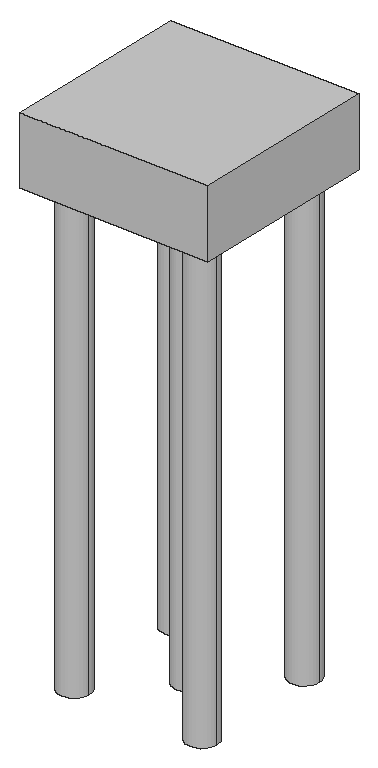
Revit family "桩基承台-5 根桩", category 结构基础, Revit 2016
Family settings
  用于模型行为的材质 = 混凝土
  管帽 = 否
  基于工作平面 = 否
  总是垂直 = 是
  加载时剪切的空心 = 否
  共享 = 否
Parameters (values of type "2500 x 2500 x 900mm")
  桩长度 [instance] = 6000 mm
  桩材质 [instance] = 混凝土 - 现场浇注混凝土
  宽度 = 2500 mm
  Structural Material [instance] = 混凝土 - 现场浇注混凝土
  桩类型 = 桩-混凝土圆形桩 : 400mm 直径
  长度 = 2500 mm
  桩嵌固 = 150 mm
  桩边距 = 400 mm
  部件代码 = "A1010130"
  厚度 = 900 mm
Reference planes
  plane 1 "中心(前/后)": y = 0
  plane 2: z = 0
  plane 3 "中心(左/右)": x = 0
  plane 4: x = -1250
  plane 5: x = 1250
  plane 6: y = 1250
  plane 7: y = -1250
  plane 8: z = -900
  plane 9: x = -850
  plane 10: x = 850
  plane 11: y = 850
  plane 12: y = -850
  plane 13: z = -750
Forms (mm)
  Extrusion 1, solid, material "混凝土 - 现场浇注混凝土" <- "Structural Material"
    sketch origin (0, 0, 0) x (1, 0, 0) y (0, 1, 0)
      loop
        line (-1250, 1250) -> (-1250, -1250) -> (1250, -1250) -> (1250, 1250) -> (-1250, 1250)
    from -900 to 0
Dimensions and locks
  "宽度": plane 4 to plane 5
  "长度": plane 6 to plane 7
  equal spacing: plane 6, plane 1 "中心(前/后)", plane 7
  equal spacing: plane 4, plane 3 "中心(左/右)", plane 5
  "厚度": plane 2 to plane 8
  "桩边距": plane 4 to plane 9
  "桩边距": plane 10 to plane 5
  "桩边距": plane 6 to plane 11
  "桩边距": plane 7 to plane 12
  "桩嵌固": plane 13 to plane 8
  aligned and locked: plane 4 to Extrusion 1 sketch curve
  aligned and locked: Extrusion 1 sketch curve to plane 5
  aligned and locked: Extrusion 1 sketch curve to plane 6
  aligned and locked: plane 7 to Extrusion 1 sketch curve
  aligned and locked: level to Extrusion 1
  aligned and locked: Extrusion 1 to plane 8
  aligned and locked: plane 11 to nested 1
  aligned and locked: nested 1 to plane 9
  aligned and locked: plane 11 to nested 2
  aligned and locked: plane 10 to nested 2
  aligned and locked: plane 12 to nested 5
  aligned and locked: nested 5 to plane 9
  aligned and locked: plane 12 to nested 4
  aligned and locked: plane 10 to nested 4
  aligned and locked: plane 3 "中心(左/右)" to nested 3
  aligned and locked: plane 1 "中心(前/后)" to nested 3
  aligned and locked: nested 1 to plane 13
  aligned and locked: plane 8 to nested 1
  aligned and locked: nested 3 to plane 13
  aligned and locked: plane 8 to nested 3
  aligned and locked: nested 2 to plane 13
  aligned and locked: plane 8 to nested 2
  aligned and locked: nested 4 to plane 13
  aligned and locked: plane 8 to nested 4
  aligned and locked: nested 5 to plane 13
  aligned and locked: plane 8 to nested 5
Nested families
  nested 1: "桩-混凝土圆形桩" at (-850, 850, -900), Structural Material <- "桩材质", 桩长度 <- "桩长度", type <- "桩类型", type "400mm 直径"
    with Structural Material 混凝土 - 现场浇注混凝土, 桩长度 6000 mm, 最小预埋件 150 mm
  nested 2: "桩-混凝土圆形桩" at (850, 850, -900), Structural Material <- "桩材质", 桩长度 <- "桩长度", type <- "桩类型", type "400mm 直径"
    with Structural Material 混凝土 - 现场浇注混凝土, 桩长度 6000 mm, 最小预埋件 150 mm
  nested 3: "桩-混凝土圆形桩" at (0, 0, -900), Structural Material <- "桩材质", 桩长度 <- "桩长度", type <- "桩类型", type "400mm 直径"
    with Structural Material 混凝土 - 现场浇注混凝土, 桩长度 6000 mm, 最小预埋件 150 mm
  nested 4: "桩-混凝土圆形桩" at (850, -850, -900), Structural Material <- "桩材质", 桩长度 <- "桩长度", type <- "桩类型", type "400mm 直径"
    with Structural Material 混凝土 - 现场浇注混凝土, 桩长度 6000 mm, 最小预埋件 150 mm
  nested 5: "桩-混凝土圆形桩" at (-850, -850, -900), Structural Material <- "桩材质", 桩长度 <- "桩长度", type <- "桩类型", type "400mm 直径"
    with Structural Material 混凝土 - 现场浇注混凝土, 桩长度 6000 mm, 最小预埋件 150 mm
Definition of nested family "桩-混凝土圆形桩"
  Parameters (values of type "300mm 直径")
    Structural Material [instance] = none
    半径 = Diameter / 2  # 150 mm
    桩长度 [instance] = 6000 mm
    最小预埋件 [instance] = 100 mm
    Diameter = 300 mm
    Assembly Code = ""
  Types (5, lengths in mm): name | 半径 | 最小预埋件 | Diameter
    (no name) | 150 | 100 | 300
    300mm 直径 | 150 | 100 | 300
    600mm 直径 | 300 | 152 | 600
    400mm 直径 | 200 | 150 | 400
    500mm 直径 | 250 | 150 | 500
  Reference planes
    plane 1 "中心(前/后)": y = 0
    plane 2: z = 0
    plane 3 "中心(左/右)": x = 0
    plane 4: z = -6000
    plane 5: z = 100
  Forms (mm)
    Extrusion 1, solid, material <- "Structural Material"
      sketch origin (0, 0, 0) x (1, 0, 0) y (0, 1, 0)
        loop
          circle (0, 0) r 150
      from -6000 to 100
  Dimensions and locks
    "桩长度": plane 2 to plane 4
    "最小预埋件": plane 5 to plane 2
    "半径": radius of Extrusion 1 sketch curve
    aligned and locked: Extrusion 1 to plane 4
    aligned and locked: Extrusion 1 to plane 5
  Automatic sketch dimensions
    Extrusion 1 sketch curve to plane 1 "中心(前/后)" = 0 mm
    Extrusion 1 sketch curve to plane 3 "中心(左/右)" = 0 mm
